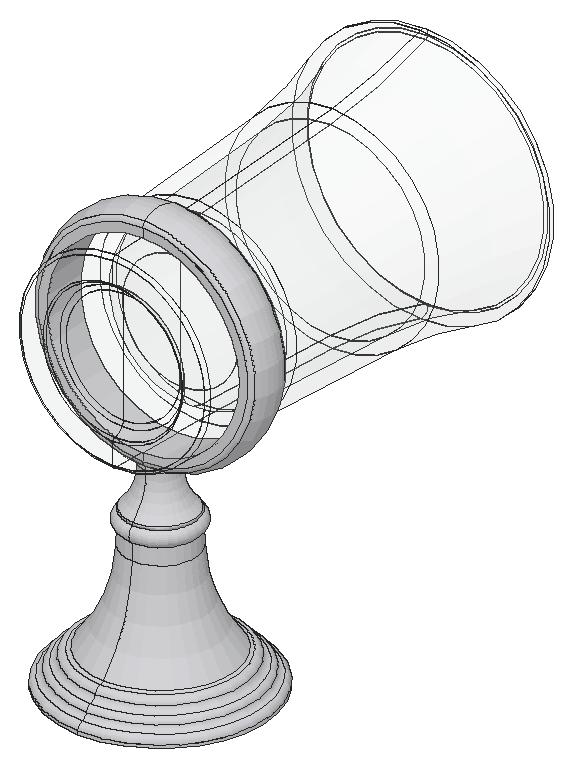
Revit family "Accessory-Glass-KOHLER-Devonshire-K-10561", category Specialty Equipment, host Face, Revit 2015
Parameters (values of type "CP-Polished Chrome")
  Width = 3"  # constant formula
  URL = "https://www.us.kohler.com/us/"
  Type = 1
  Product Page URL = "http://www.us.kohler.com/us/catalog/productDetails.jsp?productNumber=10561"
  Product Name = "Devonshire"  # constant formula
  Product Documentation Link = "http://www.us.kohler.com/onlinecatalog/pdf/K-10561_spec.pdf"
  Model = if(Type = 1, "K-10561-CP", if(Type = 2, "K-10561-PB", if(Type = 3, "K-10561-SN", if(Type = 4, "K-10561-BN", if(Type = 5, "K-10561-BV", if(Type = 6, "K-10561-2BZ", "NA"))))))  # "K-10561-CP"
  Material = "Premium Metal Construction"  # constant formula
  MasterFormat 2004 = "10.28.13"  # constant formula
  MasterFormat 1995 = "10820"  # constant formula
  Manufacturer Address = "444 Highland Dr, Kohler, WI 53044"  # constant formula
  Manufacturer = "KOHLER Co."  # constant formula
  Length = 5 1/8"  # constant formula
  Height = 5 1/16"  # constant formula
  Finish = Kohler-Metal-CP-Polished_Chrome
  Environmental Product Declaration = ""
  Description = "Tumbler and holder"  # constant formula
  Default Elevation = 42"
  Declare Label = ""
  Date Modified = "11/23/2018"  # constant formula
  Date Created = "11/23/2018"  # constant formula
  Copyright = "Copyright KOHLER Co."  # constant formula
  Contact Us = "https://www.us.kohler.com/us/static/contact.jsp"
  Assembly Code = "C1030200"
  ADA Compliant = 1 = 0  # no
Types (7): name | Type | Model | Finish
  (no name) | 1 | "K-10561-CP" | Kohler-Metal-CP-Polished_Chrome
  CP-Polished Chrome | 1 | "K-10561-CP" | Kohler-Metal-CP-Polished_Chrome
  PB-Vibrant Polished Brass | 2 | "K-10561-PB" | Kohler-Metal-PB-Vibrant_Polished_Brass
  SN-Vibrant Polished Nickel | 3 | "K-10561-SN" | Kohler-Metal-SN-Vibrant_Polished_Nickel
  BN-Vibrant Brushed Nickel | 4 | "K-10561-BN" | Kohler-Metal-BN-Vibrant_Brushed_Nickel
  BV-Vibrant Brushed Bronze | 5 | "K-10561-BV" | Kohler-Metal-BV-Brushed_Bronze
  2BZ-Oil-Rubbed Bronze | 6 | "K-10561-2BZ" | Kohler-Metal-2BZ-Oil_Rubbed_Bronze
Reference planes (in)
  plane 1 "Center (Front/Back)": y = 0
  plane 2: z = 0
  plane 3 "Center (Left/Right)": x = 0
  plane 4: y = 3.875
  plane 5: z = 5.125
  plane 6: y = -1.1875
  plane 7: x = -1.5
  plane 8: x = 1.5
Dimensions and locks (in)
  "Height": plane 4 to plane 6
  "Length": plane 2 to plane 5
  "Width": plane 7 to plane 8
  aligned and locked: plane 2 to host face
  aligned and locked: level to host face
Automatic sketch dimensions
  host sketch curve to host sketch curve = 96"  (x2)
Nested families (in)
  nested 1: "K-10561" at (0, 0, 0), type "K-10561"
Definition of nested family "K-10561"
  Parameters (values of type "K-10561")
    Material = none
  Reference planes (in)
    plane 1 "Center (Front/Back)": y = 0
    plane 2: z = 0
    plane 3 "Center (Left/Right)": x = 0
    plane 4: y = 1.1875
    plane 5: y = -1.1875
    plane 6: z = 5.125
    plane 7: y = 3.875
    plane 8: x = -1.5
    plane 9: x = 1.5
    plane 10: z = 3.625
    plane 11: z = 2.125
  Forms (in)
    Revolve 1, solid, material <- "Material", detail levels medium+fine
      sketch origin (0, 0, 0) x (0, 1, 0) y (0, 0, 1)
        loop
          line (0, 0) -> (1.1875, 0) -> (1.1875, 0.03294)
          arc (1.1875, 0.03294) -> (1.16985, 0.08369) -> (1.12451, 0.11252) r 0.08176
          arc (1.12451, 0.11252) -> (1.08582, 0.13488) -> (1.06591, 0.17489) r 0.0775
          arc (1.06591, 0.17489) -> (1.04404, 0.21703) -> (1.00177, 0.23866) r 0.07795
          arc (1.00177, 0.23866) -> (0.95854, 0.2609) -> (0.93642, 0.30419) r 0.07927
          arc (0.93642, 0.30419) -> (0.90812, 0.35312) -> (0.85445, 0.37085) r 0.07944
          arc (0.85445, 0.37085) -> (0.83171, 0.37512) -> (0.81324, 0.38907) r 0.05062
          arc (0.81324, 0.38907) -> (0.52013, 0.88652) -> (0.39923, 1.45111) r 1.80373
          arc (0.39923, 1.45111) -> (0.39644, 1.54628) -> (0.39764, 1.6415) r 2.27362
          arc (0.39764, 1.6415) -> (0.4489, 1.73106) -> (0.38842, 1.81466) r 0.09516
          arc (0.38842, 1.81466) -> (0.39529, 1.83005) -> (0.38872, 1.84557) r 0.02113
          arc (0.38872, 1.84557) -> (0.24636, 2.05872) -> (0.20916, 2.31233) r 0.58314
          arc (0.20916, 2.31233) -> (0.20989, 2.34709) -> (0.20681, 2.38172) r 0.31675
          line (0.20681, 2.38172) -> (0, 2.38172) -> (0, 0)
        axis (0, 0) -> (0, 2.38172)
      angle from 0 to 360
    Revolve 2, solid, detail levels medium+fine
      sketch origin (0, 0, 0) x (0, 1, 0) y (0, 0, 1)
        loop
          line (-0.68107, 4.68898) -> (-0.68107, 4.43463)
          arc (-0.68107, 4.43463) -> (-0.67481, 4.41871) -> (-0.65938, 4.41132) r 0.02338
          arc (-0.65938, 4.41132) -> (-0.59602, 4.39132) -> (-0.54846, 4.34492) r 0.14348
          arc (-0.54846, 4.34492) -> (-0.53495, 4.31489) -> (-0.53032, 4.28229) r 0.11715
          line (-0.53032, 4.28229) -> (-0.53032, 3.625) -> (0.30121, 3.625) -> (0.30121, 4.29996)
          arc (0.30121, 4.29996) -> (0.38778, 4.51727) -> (0.60006, 4.61553) r 0.31604
          line (0.60006, 4.61553) -> (2.46682, 4.71721)
          arc (2.46682, 4.71721) -> (3.16624, 4.80621) -> (3.84559, 4.99486) r 4.88997
          arc (3.84559, 4.99486) -> (3.86192, 5.00547) -> (3.87176, 5.02229) r 0.0422
          arc (3.87176, 5.02229) -> (3.85157, 5.10205) -> (3.77155, 5.12119) r 0.07947
          arc (3.77155, 5.12119) -> (3.13779, 4.95783) -> (2.48954, 4.86776) r 5.73273
          arc (2.48954, 4.86776) -> (1.52346, 4.80228) -> (0.55599, 4.76245) r 36.50523
          line (0.55599, 4.76245) -> (-0.64213, 4.72903)
          arc (-0.64213, 4.72903) -> (-0.66973, 4.71691) -> (-0.68107, 4.68898) r 0.04006
        axis (3.87176, 3.625) -> (-0.68107, 3.625)
      angle from 0 to 360
    Revolve 3, solid, material <- "Material", detail levels medium+fine
      sketch origin (0, 0, 0) x (0, 1, 0) y (0, 0, 1)
        loop
          line (0.248, 4.75378) -> (0.248, 4.83723)
          arc (0.248, 4.83723) -> (0.23935, 4.87033) -> (0.21563, 4.89497) r 0.06769
          arc (0.21563, 4.89497) -> (-0.00075, 4.95564) -> (-0.21686, 4.89404) r 0.41302
          arc (-0.21686, 4.89404) -> (-0.23969, 4.87017) -> (-0.248, 4.83821) r 0.06561
          line (-0.248, 4.83821) -> (-0.248, 4.73973) -> (0.248, 4.75378)
        axis (-0.248, 3.625) -> (0.248, 3.625)
      angle from 0 to 360
    Revolve 4, solid, material <- "Material", detail levels coarse
      sketch origin (0, 0, 0) x (0, 1, 0) y (0, 0, 1)
        loop
          line (0, 0) -> (1.1875, 0) -> (1.1875, 0.11338) -> (0.4489, 1.73106) -> (0.29618, 2.39257) -> (0, 2.39257) -> (0, 0)
        axis (0, 0) -> (0, 2.39257)
      angle from 0 to 360
    Revolve 5, solid, detail levels coarse
      sketch origin (0, 0, 0) x (0, 1, 0) y (0, 0, 1)
        loop
          line (-0.68107, 3.625) -> (-0.39764, 3.625) -> (-0.39764, 4.50119) -> (3.875, 4.875) -> (3.875, 5.125) -> (-0.68107, 4.88623) -> (-0.68107, 3.625)
        axis (-0.68107, 3.625) -> (3.875, 3.625)
      angle from 0 to 360
    Revolve 6, solid, material <- "Material", detail levels coarse
      sketch origin (0, 0, 0) x (0, 1, 0) y (0, 0, 1)
        loop
          line (-0.248, 4.74002) -> (0.248, 4.74002) -> (0.248, 5.125) -> (-0.248, 5.125) -> (-0.248, 4.74002)
        axis (-0.248, 3.625) -> (0.248, 3.625)
      angle from 0 to 360
  Cuts and joins
    joined: Revolve 1, Revolve 3
    joined: Revolve 4, Revolve 6
  Lines and regions (in)
    Masking region 1
      outline origin (0, 0, 0) x (0, 1, 0) y (0, 0, 1)
        loop
          line (0, 0) -> (1.1875, 0) -> (1.1875, 0.03294)
          arc (1.1875, 0.03294) -> (1.16985, 0.08369) -> (1.12451, 0.11252) r 0.08176
          arc (1.12451, 0.11252) -> (1.08582, 0.13488) -> (1.06591, 0.17489) r 0.0775
          arc (1.06591, 0.17489) -> (1.04404, 0.21703) -> (1.00177, 0.23866) r 0.07795
          arc (1.00177, 0.23866) -> (0.95854, 0.2609) -> (0.93642, 0.30419) r 0.07927
          arc (0.93642, 0.30419) -> (0.90812, 0.35312) -> (0.85445, 0.37085) r 0.07944
          arc (0.85445, 0.37085) -> (0.83171, 0.37512) -> (0.81324, 0.38907) r 0.05062
          arc (0.81324, 0.38907) -> (0.52013, 0.88652) -> (0.39923, 1.45111) r 1.80373
          arc (0.39923, 1.45111) -> (0.39644, 1.54628) -> (0.39764, 1.6415) r 2.27362
          arc (0.39764, 1.6415) -> (0.4489, 1.73106) -> (0.38842, 1.81466) r 0.09516
          arc (0.38842, 1.81466) -> (0.39529, 1.83005) -> (0.38872, 1.84557) r 0.02113
          arc (0.38872, 1.84557) -> (0.24636, 2.05872) -> (0.20916, 2.31233) r 0.58314
          arc (0.20916, 2.31233) -> (0.21004, 2.33205) -> (0.20969, 2.3518) r 0.31675
          arc (0.20969, 2.3518) -> (0.23763, 2.37677) -> (0.248, 2.41277) r 0.06769
          line (0.248, 2.41277) -> (0.248, 2.49614) -> (0.55599, 2.48755)
          arc (0.55599, 2.48755) -> (1.52346, 2.44772) -> (2.48954, 2.38224) r 36.50523
          arc (2.48954, 2.38224) -> (3.13779, 2.29217) -> (3.77155, 2.12881) r 5.73273
          arc (3.77155, 2.12881) -> (3.8402, 2.13863) -> (3.875, 2.19862) r 0.07947
          line (3.875, 2.19862) -> (3.875, 5.05138)
          arc (3.875, 5.05138) -> (3.8402, 5.11137) -> (3.77155, 5.12119) r 0.07947
          arc (3.77155, 5.12119) -> (3.13779, 4.95783) -> (2.48954, 4.86776) r 5.73273
          arc (2.48954, 4.86776) -> (1.52346, 4.80228) -> (0.55599, 4.76245) r 36.50523
          line (0.55599, 4.76245) -> (0.248, 4.75386) -> (0.248, 4.83723)
          arc (0.248, 4.83723) -> (0.23935, 4.87033) -> (0.21563, 4.89497) r 0.06769
          arc (0.21563, 4.89497) -> (-0.00075, 4.95564) -> (-0.21686, 4.89404) r 0.41302
          arc (-0.21686, 4.89404) -> (-0.23969, 4.87017) -> (-0.248, 4.83821) r 0.06561
          line (-0.248, 4.83821) -> (-0.248, 4.74002) -> (-0.64213, 4.72903)
          arc (-0.64213, 4.72903) -> (-0.66973, 4.71691) -> (-0.68107, 4.68898) r 0.04006
          line (-0.68107, 4.68898) -> (-0.68107, 2.56102)
          arc (-0.68107, 2.56102) -> (-0.66973, 2.53309) -> (-0.64213, 2.52097) r 0.04006
          line (-0.64213, 2.52097) -> (-0.248, 2.50998) -> (-0.248, 2.41179)
          arc (-0.248, 2.41179) -> (-0.23759, 2.37633) -> (-0.20968, 2.35212) r 0.06561
          arc (-0.20968, 2.35212) -> (-0.21004, 2.33222) -> (-0.20916, 2.31233) r 0.31675
          arc (-0.20916, 2.31233) -> (-0.24636, 2.05872) -> (-0.38872, 1.84557) r 0.58314
          arc (-0.38872, 1.84557) -> (-0.39529, 1.83005) -> (-0.38842, 1.81466) r 0.02113
          arc (-0.38842, 1.81466) -> (-0.4489, 1.73106) -> (-0.39764, 1.6415) r 0.09516
          arc (-0.39764, 1.6415) -> (-0.39644, 1.54628) -> (-0.39923, 1.45111) r 2.27362
          arc (-0.39923, 1.45111) -> (-0.52013, 0.88652) -> (-0.81324, 0.38907) r 1.80373
          arc (-0.81324, 0.38907) -> (-0.83171, 0.37512) -> (-0.85445, 0.37085) r 0.05062
          arc (-0.85445, 0.37085) -> (-0.90812, 0.35312) -> (-0.93642, 0.30419) r 0.07944
          arc (-0.93642, 0.30419) -> (-0.95854, 0.2609) -> (-1.00177, 0.23866) r 0.07927
          arc (-1.00177, 0.23866) -> (-1.04404, 0.21703) -> (-1.06591, 0.17489) r 0.07795
          arc (-1.06591, 0.17489) -> (-1.08582, 0.13488) -> (-1.12451, 0.11252) r 0.0775
          arc (-1.12451, 0.11252) -> (-1.16985, 0.08369) -> (-1.1875, 0.03294) r 0.08176
          line (-1.1875, 0.03294) -> (-1.1875, 0) -> (0, 0)
    Masking region 2
      outline origin (0, 0, 0) x (1, 0, 0) y (0, 0, 1)
        loop
          line (0, 0) -> (1.1875, 0) -> (1.1875, 0.03294)
          arc (1.1875, 0.03294) -> (1.16985, 0.08369) -> (1.12451, 0.11252) r 0.08176
          arc (1.12451, 0.11252) -> (1.08582, 0.13488) -> (1.06591, 0.17489) r 0.0775
          arc (1.06591, 0.17489) -> (1.04404, 0.21703) -> (1.00177, 0.23866) r 0.07795
          arc (1.00177, 0.23866) -> (0.95854, 0.2609) -> (0.93642, 0.30419) r 0.07927
          arc (0.93642, 0.30419) -> (0.90812, 0.35312) -> (0.85445, 0.37085) r 0.07944
          arc (0.85445, 0.37085) -> (0.83171, 0.37512) -> (0.81324, 0.38907) r 0.05062
          arc (0.81324, 0.38907) -> (0.52013, 0.88652) -> (0.39923, 1.45111) r 1.80373
          arc (0.39923, 1.45111) -> (0.39644, 1.54628) -> (0.39764, 1.6415) r 2.27362
          arc (0.39764, 1.6415) -> (0.4489, 1.73106) -> (0.38842, 1.81466) r 0.09516
          arc (0.38842, 1.81466) -> (0.39529, 1.83005) -> (0.38872, 1.84557) r 0.02113
          arc (0.38872, 1.84557) -> (0.28303, 1.98104) -> (0.2214, 2.14143) r 0.58314
          arc (0.2214, 2.14143) -> (1.13624, 2.64574) -> (1.5, 3.625) r 1.5
          arc (1.5, 3.625) -> (1.06066, 4.68566) -> (0, 5.125) r 1.5
          arc (0, 5.125) -> (-1.06066, 4.68566) -> (-1.5, 3.625) r 1.5
          arc (-1.5, 3.625) -> (-1.13624, 2.64574) -> (-0.2214, 2.14143) r 1.5
          arc (-0.2214, 2.14143) -> (-0.28303, 1.98104) -> (-0.38872, 1.84557) r 0.58314
          arc (-0.38872, 1.84557) -> (-0.39529, 1.83005) -> (-0.38842, 1.81466) r 0.02113
          arc (-0.38842, 1.81466) -> (-0.4489, 1.73106) -> (-0.39764, 1.6415) r 0.09516
          arc (-0.39764, 1.6415) -> (-0.39644, 1.54628) -> (-0.39923, 1.45111) r 2.27362
          arc (-0.39923, 1.45111) -> (-0.52013, 0.88652) -> (-0.81324, 0.38907) r 1.80373
          arc (-0.81324, 0.38907) -> (-0.83171, 0.37512) -> (-0.85445, 0.37085) r 0.05062
          arc (-0.85445, 0.37085) -> (-0.90812, 0.35312) -> (-0.93642, 0.30419) r 0.07944
          arc (-0.93642, 0.30419) -> (-0.95854, 0.2609) -> (-1.00177, 0.23866) r 0.07927
          arc (-1.00177, 0.23866) -> (-1.04404, 0.21703) -> (-1.06591, 0.17489) r 0.07795
          arc (-1.06591, 0.17489) -> (-1.08582, 0.13488) -> (-1.12451, 0.11252) r 0.0775
          arc (-1.12451, 0.11252) -> (-1.16985, 0.08369) -> (-1.1875, 0.03294) r 0.08176
          line (-1.1875, 0.03294) -> (-1.1875, 0) -> (0, 0)
    Masking region 3
      outline origin (0, 0, 0) x (1, 0, 0) y (0, 1, 0)
        loop
          arc (1.13715, 0.55599) -> (1.17699, 1.52346) -> (1.24247, 2.48954) r 36.50523
          arc (1.24247, 2.48954) -> (1.33253, 3.13779) -> (1.4959, 3.77155) r 5.73273
          arc (1.4959, 3.77155) -> (1.48607, 3.8402) -> (1.42609, 3.875) r 0.07947
          line (1.42609, 3.875) -> (-1.42609, 3.875)
          arc (-1.42609, 3.875) -> (-1.48607, 3.8402) -> (-1.4959, 3.77155) r 0.07947
          arc (-1.4959, 3.77155) -> (-1.33253, 3.13779) -> (-1.24247, 2.48954) r 5.73273
          arc (-1.24247, 2.48954) -> (-1.17699, 1.52346) -> (-1.13715, 0.55599) r 36.50523
          line (-1.13715, 0.55599) -> (-1.13168, 0.3598)
          arc (-1.13168, 0.3598) -> (-1.14786, 0.30426) -> (-1.16131, 0.248) r 1.1875
          line (-1.16131, 0.248) -> (-1.21193, 0.248)
          arc (-1.21193, 0.248) -> (-1.24503, 0.23935) -> (-1.26967, 0.21563) r 0.06769
          arc (-1.26967, 0.21563) -> (-1.33034, -0.00075) -> (-1.26874, -0.21686) r 0.41302
          arc (-1.26874, -0.21686) -> (-1.24488, -0.23969) -> (-1.21291, -0.248) r 0.06561
          line (-1.21291, -0.248) -> (-1.16131, -0.248)
          arc (-1.16131, -0.248) -> (-1.13893, -0.33615) -> (-1.10986, -0.42233) r 1.1875
          line (-1.10986, -0.42233) -> (-1.10373, -0.64213)
          arc (-1.10373, -0.64213) -> (-1.09162, -0.66973) -> (-1.06369, -0.68107) r 0.04006
          line (-1.06369, -0.68107) -> (-0.97278, -0.68107)
          arc (-0.97278, -0.68107) -> (-0.54835, -1.05331) -> (0, -1.1875) r 1.1875
          arc (0, -1.1875) -> (0.54835, -1.05331) -> (0.97278, -0.68107) r 1.1875
          line (0.97278, -0.68107) -> (1.06369, -0.68107)
          arc (1.06369, -0.68107) -> (1.09162, -0.66973) -> (1.10373, -0.64213) r 0.04006
          line (1.10373, -0.64213) -> (1.10986, -0.42233)
          arc (1.10986, -0.42233) -> (1.13893, -0.33615) -> (1.16131, -0.248) r 1.1875
          line (1.16131, -0.248) -> (1.21291, -0.248)
          arc (1.21291, -0.248) -> (1.24488, -0.23969) -> (1.26874, -0.21686) r 0.06561
          arc (1.26874, -0.21686) -> (1.33034, -0.00075) -> (1.26967, 0.21563) r 0.41302
          arc (1.26967, 0.21563) -> (1.24503, 0.23935) -> (1.21193, 0.248) r 0.06769
          line (1.21193, 0.248) -> (1.16131, 0.248)
          arc (1.16131, 0.248) -> (1.14786, 0.30426) -> (1.13168, 0.3598) r 1.1875
          line (1.13168, 0.3598) -> (1.13715, 0.55599)
    symbolic lines, detail levels medium+fine
      curve 1: line (0, 0.248, 4.75386) -> (0, 0.248, 2.49614)
      curve 2: line (0, -0.248, 2.50998) -> (0, -0.248, 4.74002)
      curve 3: arc (0, 0.20969, 2.3518) -> (0, -0.0016, 2.30901) -> (0, -0.2129, 2.3518) r 0.54317
      curve 4: line (0, 0.38842, 1.81466) -> (0, -0.38842, 1.81466)
      curve 5: line (0, 0.39764, 1.6415) -> (0, -0.39764, 1.6415)
      curve 6: line (0, 0.85445, 0.37085) -> (0, -0.85445, 0.37085)
      curve 7: line (0.85445, 0, 0.37085) -> (-0.85445, 0, 0.37085)
      curve 8: line (0.39764, 0, 1.6415) -> (-0.39764, 0, 1.6415)
      curve 9: line (0.38842, 0, 1.81466) -> (-0.38842, 0, 1.81466)
      curve 10: arc (0.2214, 0, 2.14143) -> (0, 0, 2.125) -> (-0.2214, 0, 2.14143) r 1.5
      curve 11: circle (0, 0, 3.625) r 1.11473 normal (0, -1, 0)
      curve 12: line (-1.16131, 0.248, 0) -> (1.16131, 0.248, 0)
      curve 13: line (-1.16131, -0.248, 0) -> (1.16131, -0.248, 0)
      curve 14: line (-0.97278, -0.68107, 0) -> (0.97278, -0.68107, 0)
      curve 15: line (-1.10986, -0.42233, 0) -> (-1.11473, -0.248, 0)
      curve 16: line (-1.12856, 0.248, 0) -> (-1.13168, 0.3598, 0)
      curve 17: line (1.10986, -0.42233, 0) -> (1.11473, -0.248, 0)
      curve 18: line (1.12856, 0.248, 0) -> (1.13168, 0.3598, 0)
  Dimensions and locks (in)
    plane 7 to plane 5 = 5 1/16"
    plane 6 to plane 2 = 5 1/8"
    plane 9 to plane 8 = 3"
    aligned and locked: plane 2 to level
